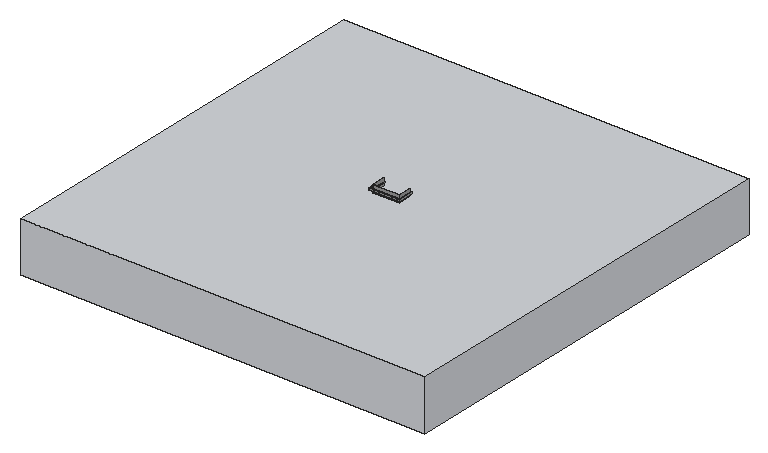
Revit family "LAMP_PUZZLE TR FRAME U", category Modelos genéricos, Revit 2015
Parameters (values of type "BLACK")
  Weight = 0.254 kg
  Recessed dimensions = "174 x 81"
  Product datasheet = "http://www.lamp.es/product-files/TECH/PUTRFRENB-EN.pdf"
  Product code = "PUTRFRENB"
  Modelo = Product code  # "PUTRFRENB"
  Model explanation = ""
  Material marco = LAMP_Aluminio frame Puzzle BL
  Manufacturer name = "LAMP"
  Manufacturer country = "Spain"
  Manufacturer URL = "http://www.lamp.es/en"
  Last update = "25/07/2018"
  Installation instructions = "http://www.lamp.es/product-files/INS/1001240-C-INSTR.%20MARCO%20OCULTO%20PUZZLE.pdf"
  Finish = "Shiny black"
  Fabricante = Manufacturer name  # "LAMP"
  Default Elevation = 1219.2 mm
  Dimensions = "186 x 93"
  Descripción = "PUZZLE ACC. HIDDEN FRAME U END BK."
  Accessory Type = "Assembly"
Types (2, lengths in mm): name | Product datasheet | Product code | Modelo | Material marco | Finish | Descripción
  BLACK | "http://www.lamp.es/product-files/TECH/PUTRFRENB-EN.pdf" | "PUTRFRENB" | "PUTRFRENB" | LAMP_Aluminio frame Puzzle BL | "Shiny black" | "PUZZLE ACC. HIDDEN FRAME U END BK."
  WHITE | "http://www.lamp.es/product-files/TECH/PUTRFRENW-EN.pdf" | "PUTRFRENW" | "PUTRFRENW" | LAMP_Aluminio frame Puzzle WH | "Shiny white" | "PUZZLE ACC. HIDDEN FRAME U END WH."
Reference planes
  plane 1 "Centro (Frontal/Posterior)": y = 0
  plane 2: z = 0
  plane 3 "Centro (Izquierda/Derecha)": x = 0
Forms (mm)
  Extrusion 1, solid
    sketch origin (0, 0, 0) x (1, 0, 0) y (0, 1, 0)
      loop
        line (-1219.2, 1219.2) -> (-1219.2, -1219.2) -> (1219.2, -1219.2) -> (1219.2, 1219.2) -> (-1219.2, 1219.2)
    from 0 to -304.8
  Sweep 2, solid, material "LAMP_Aluminio frame Puzzle BL" <- "Material marco"
    path origin (0, 0, 0) x (1, 0, 0) y (0, 1, 0)
      loop
        line (-93, 93) -> (-93, 0) -> (93, 0) -> (93, 93)
    profile origin (0, 0, 0) x (0, 1, 0) y (0, 0, 1)
      loop
        line (0, 15.1) -> (4.8, 15.1) -> (4.8, 16.4) -> (1.3, 16.4) -> (1.3, 20) -> (12.2, 20) -> (12.2, 0) -> (13.5, 0) -> (13.5, 22.1) -> (23.5, 22.1) -> (23.5, 23.4) -> (13.5, 23.4) -> (13.5, 41.8) -> (12.2, 41.8) -> (12.2, 21.8) -> (1.3, 21.8) -> (1.3, 25.4) -> (4.8, 25.4) -> (4.8, 26.7) -> (0, 26.7) -> (0, 15.1)
Text (mm)
  text "Any modification of the parameters and properties of the LAMP BIM models must be executed and validated by the LAMP technical department.\n\nPhone: +34 93 736 68 00\n\nE-mail: lamp@lamp.es\n\n\n\nLAMP reserves the right to modify the technical specifications of its products." at (-18668.474, 16993.058, -8002.687), in view "Preview"
Dimensions and locks
  equal spacing: Sweep 2 sketch curve, plane 3 "Centro (Izquierda/Derecha)", Sweep 2 sketch curve
  Sweep 2 sketch curve to Sweep 2 sketch curve = 186 mm
  plane 1 "Centro (Frontal/Posterior)" to Sweep 2 sketch curve = 0 mm
  aligned and locked: plane 2 to Extrusion 1
  aligned and locked: level to Extrusion 1
